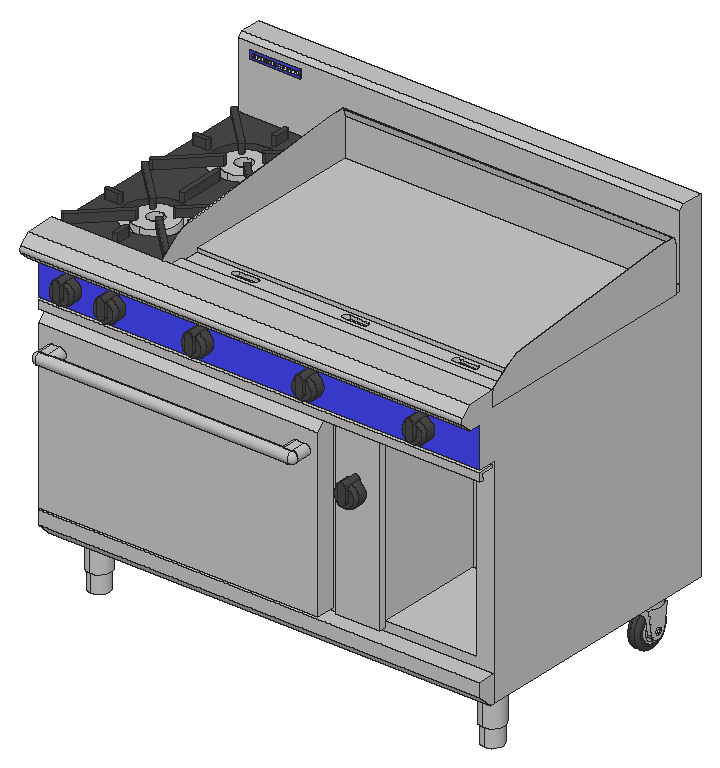
Revit family "QF_MOFFAT_BLUESEAL_CE_G508A", category Specialty Equipment, Revit 2012
Parameters
  Width = 1200 mm
  Weight in Pounds = 568
  URL Cutsheet = "www.moffat.com"
  URL = "www.moffat.com"
  Type Mark [instance] = ""
  Status [instance] = ""
  Specification by User [instance] = ""
  Specification by Manufacturer = ""
  Show Logo [instance] = yes
  Show Clearance [instance] = yes
  Show Casters [instance] = yes
  Serial Number = ""
  Seismic Rating = ""
  SMACNA No = ""
  Revision Code [instance] = ""
  Omniclass Number and Title = ""
  NAFEM Spec ID Number = ""
  Model = "G508A"
  Mechanical Remarks = ""
  Mechanical Connection Type [instance] = ""
  Masterspec = ""
  Manufacturer = "MOFFAT BLUESEAL"
  Legs [instance] = not(Show Casters)  # no
  Item Number [instance] = ""
  Installed By [instance] = ""
  Identify Quantity as Lot [instance] = yes
  Height = 970 mm
  Gas Size = 3/4"
  Gas RI Height [instance] = 0 mm
  Gas KW [instance] = 41
  Gas Input [instance] = 139000.0 Btu/h
  Gas Connection Height = 0 mm
  Furnished By [instance] = ""
  Foodservice Equipment Identifier [instance] = yes
  Description = "1200MM GAS RANGE WITH STATIC OVEN"
  Depth = 812 mm
  CSI MasterFormat = ""
  CSI Master Format = ""
  Body Finish = QF_Finishes_Stainless Steel
Reference planes
  plane 1 "BACK": y = 0
  plane 2: z = 0
  plane 3 "LEFT": x = 0
  plane 4 "RIGHT": x = 1200
  plane 5 "FRONT": y = -812
  plane 6 "TOP": z = 970
  plane 7 "Center Y": x = 600
  plane 8 "Center X": y = -406
  plane 9: x = 280
  plane 10: y = -574.272
  plane 11: x = 60
  plane 12: y = -304.972
  plane 13: y = -364.972
  plane 14: x = 74
  plane 15: y = -812
  plane 16: x = 1134.5
  plane 17: y = -32
  plane 18: z = 655
  plane 19: x = 65.5
  plane 20: x = 65.8
  plane 21: z = 1085
  plane 22: y = -705
Forms (mm)
  Extrusion 1, solid, material "QF_Finishes_Stainless Steel" <- "Body Finish"
    sketch origin (0, 0, 0) x (0, 1, 0) y (0, 0, 1)
      loop
        line (0, 150) -> (0, 1085) -> (-57.5, 1085) -> (-70, 1072.5) -> (-70, 875) -> (-705, 875) -> (-705, 915) -> (-783.97, 915) -> (-808.49, 890.48)
        arc (-808.49, 890.48) -> (-812.002, 882) -> (-808.49, 873.52) r 11.993
        line (-808.49, 873.52) -> (-784.97, 850) -> (-749, 850) -> (-749, 740) -> (-699, 740) -> (-699, 150) -> (0, 150)
      loop
        line (-749, 222.5) -> (-749, 186) -> (-713.26, 150.26) -> (-701, 150.26) -> (-701, 222.5) -> (-749, 222.5)
      loop
        line (-749, 710) -> (-740.224, 710) -> (-742.613, 726.999) -> (-707.93, 726.999) -> (-707.93, 734.003) -> (-749, 734.003) -> (-749, 710)
    from 0 to 1200
  Extrusion 2, solid, material "QF_Finishes_Stainless Steel"
    sketch origin (0, 7, 0) x (0, 1, 0) y (0, 0, 1)
      loop
        line (-706, 700) -> (-732, 700) -> (-756, 676) -> (-756, 227.5) -> (-706, 227.5) -> (-706, 700)
    from 0 to 760
  Extrusion 3, solid, material "QF_Finishes_Stainless Steel"
    sketch origin (723.5, 7, 0) x (0, 1, 0) y (0, 0, 1)
      loop
        line (-706, 700) -> (-721, 700) -> (-721, 227.5) -> (-706, 227.5) -> (-706, 700)
    from 56.898 to 176.5
  Revolve 4, solid, material "QF_Finishes_Stainless Steel" <- "Body Finish"
    sketch origin (1134.5, -696.126, 0) x (0, 1, 0) y (0, 0, -1)
      loop
        line (39.376, -150) -> (71.126, -150) -> (71.126, 0) -> (43.626, 0) -> (43.626, -50) -> (39.376, -50) -> (39.376, -150)
      axis (71.126, -150) -> (71.126, 0)
    angle from 0 to 360
  Revolve 5, solid, material "QF_Finishes_Stainless Steel" <- "Body Finish"
    sketch origin (65.5, -696.126, 0) x (0, 1, 0) y (0, 0, 1)
      loop
        line (39.376, 150) -> (39.376, 50) -> (43.626, 50) -> (43.626, 0) -> (71.126, 0) -> (71.126, 150) -> (39.376, 150)
      axis (71.126, 150) -> (71.126, 0)
    angle from 0 to 360
  Extrusion 6, solid, material "QF_Finishes_Stainless Steel"
    sketch origin (-64.5, 0, 325) x (1, 0, 0) y (0, 1, 0)
      loop
        circle (1134.5, -32) r 10
    from 330 to 374.856
  Extrusion 7, void
    sketch origin (0, -703.73, 150) x (0, 0, -1) y (-1, 0, 0)
      loop
        line (-526, -900) -> (-526, -1150) -> (-96, -1150) -> (-96, -900) -> (-526, -900)
    from 0 to 304.8
  Extrusion 8, solid, material "QF_Finishes_Black"
    sketch origin (0, -70, 875) x (0, -1, 0) y (1, 0, 0)
      loop
        arc (1, 4) -> (1.879, 1.879) -> (4, 1) r 3
        line (4, 1) -> (632, 1)
        arc (632, 1) -> (634.121, 1.879) -> (635, 4) r 3
        line (635, 4) -> (635, 297.232)
        arc (635, 297.232) -> (634.121, 299.354) -> (632, 300.232) r 3
        line (632, 300.232) -> (4, 300.232)
        arc (4, 300.232) -> (1.879, 299.354) -> (1, 297.232) r 3
        line (1, 297.232) -> (1, 4)
      loop
        circle (167.5, 150) r 85
      loop
        circle (467.768, 150) r 85
    from 0 to 19.5
  Extrusion 9, solid, material "QF_Finishes_Black"
    sketch origin (0, -70, 894.5) x (0, -1, 0) y (1, 0, 0)
      loop
        spline (327.102, 15.153) -> (326.181, 13.924) -> (325.631, 12.47) -> (325.49, 10.89) -> (325.767, 9.292) -> (326.443, 7.786) -> (327.473, 6.473) -> (328.786, 5.443) -> (330.292, 4.767) -> (331.89, 4.49) -> (333.47, 4.631) -> (334.924, 5.181) -> (336.153, 6.102)
        line (336.153, 6.102) -> (444.076, 114.025)
        spline (444.076, 114.025) -> (444.837, 115.095) -> (445.238, 116.399) -> (445.251, 117.851) -> (444.875, 119.35) -> (444.137, 120.795) -> (443.086, 122.086) -> (441.795, 123.137) -> (440.35, 123.875) -> (438.851, 124.251) -> (437.399, 124.238) -> (436.095, 123.837) -> (435.025, 123.076)
        line (435.025, 123.076) -> (327.102, 15.153)
      loop
        line (611.398, 15.153) -> (503.475, 123.076)
        spline (503.475, 123.076) -> (502.405, 123.837) -> (501.101, 124.238) -> (499.649, 124.251) -> (498.15, 123.875) -> (496.705, 123.137) -> (495.414, 122.086) -> (494.363, 120.795) -> (493.625, 119.35) -> (493.249, 117.851) -> (493.262, 116.399) -> (493.663, 115.095) -> (494.424, 114.025)
        line (494.424, 114.025) -> (602.347, 6.102)
        spline (602.347, 6.102) -> (603.416, 5.341) -> (604.721, 4.941) -> (606.172, 4.928) -> (607.671, 5.303) -> (609.116, 6.041) -> (610.408, 7.092) -> (611.459, 8.384) -> (612.197, 9.829) -> (612.572, 11.328) -> (612.559, 12.779) -> (612.159, 14.084) -> (611.398, 15.153)
      loop
        spline (379.102, 143.6) -> (380.396, 143.818) -> (381.602, 144.457) -> (382.638, 145.475) -> (383.432, 146.8) -> (383.932, 148.344) -> (384.102, 150) -> (383.932, 151.656) -> (383.432, 153.2) -> (382.638, 154.525) -> (381.602, 155.543) -> (380.396, 156.182) -> (379.102, 156.4)
        line (379.102, 156.4) -> (259.398, 156.4)
        spline (259.398, 156.4) -> (258.104, 156.182) -> (256.898, 155.543) -> (255.862, 154.525) -> (255.068, 153.2) -> (254.568, 151.656) -> (254.398, 150) -> (254.568, 148.344) -> (255.068, 146.8) -> (255.862, 145.475) -> (256.898, 144.457) -> (258.104, 143.818) -> (259.398, 143.6)
        line (259.398, 143.6) -> (379.102, 143.6)
      loop
        spline (23.602, 15.153) -> (22.681, 13.924) -> (22.131, 12.47) -> (21.99, 10.89) -> (22.267, 9.292) -> (22.943, 7.786) -> (23.973, 6.473) -> (25.286, 5.443) -> (26.792, 4.767) -> (28.39, 4.49) -> (29.97, 4.631) -> (31.424, 5.181) -> (32.653, 6.102)
        line (32.653, 6.102) -> (140.576, 114.025)
        spline (140.576, 114.025) -> (141.337, 115.095) -> (141.738, 116.399) -> (141.751, 117.851) -> (141.375, 119.35) -> (140.637, 120.795) -> (139.586, 122.086) -> (138.295, 123.137) -> (136.85, 123.875) -> (135.351, 124.251) -> (133.899, 124.238) -> (132.595, 123.837) -> (131.525, 123.076)
        line (131.525, 123.076) -> (23.602, 15.153)
      loop
        line (311.398, 15.153) -> (203.475, 123.076)
        spline (203.475, 123.076) -> (202.405, 123.837) -> (201.101, 124.238) -> (199.649, 124.251) -> (198.15, 123.875) -> (196.705, 123.137) -> (195.414, 122.086) -> (194.363, 120.795) -> (193.625, 119.35) -> (193.249, 117.851) -> (193.262, 116.399) -> (193.663, 115.095) -> (194.424, 114.025)
        line (194.424, 114.025) -> (302.347, 6.102)
        spline (302.347, 6.102) -> (303.416, 5.341) -> (304.721, 4.941) -> (306.172, 4.928) -> (307.671, 5.303) -> (309.116, 6.041) -> (310.408, 7.092) -> (311.459, 8.384) -> (312.197, 9.829) -> (312.572, 11.328) -> (312.559, 12.779) -> (312.159, 14.084) -> (311.398, 15.153)
      loop
        line (327.102, 284.847) -> (435.025, 176.924)
        spline (435.025, 176.924) -> (436.095, 176.163) -> (437.399, 175.762) -> (438.851, 175.749) -> (440.35, 176.125) -> (441.795, 176.863) -> (443.086, 177.914) -> (444.137, 179.205) -> (444.875, 180.65) -> (445.251, 182.149) -> (445.238, 183.601) -> (444.837, 184.905) -> (444.076, 185.975)
        line (444.076, 185.975) -> (336.153, 293.898)
        spline (336.153, 293.898) -> (334.924, 294.819) -> (333.47, 295.369) -> (331.89, 295.51) -> (330.292, 295.233) -> (328.786, 294.557) -> (327.473, 293.527) -> (326.443, 292.214) -> (325.767, 290.708) -> (325.49, 289.11) -> (325.631, 287.53) -> (326.181, 286.076) -> (327.102, 284.847)
      loop
        spline (611.398, 284.847) -> (612.159, 285.916) -> (612.559, 287.221) -> (612.572, 288.672) -> (612.197, 290.171) -> (611.459, 291.616) -> (610.408, 292.908) -> (609.116, 293.959) -> (607.671, 294.697) -> (606.172, 295.072) -> (604.721, 295.059) -> (603.416, 294.659) -> (602.347, 293.898)
        line (602.347, 293.898) -> (494.424, 185.975)
        spline (494.424, 185.975) -> (493.663, 184.905) -> (493.262, 183.601) -> (493.249, 182.149) -> (493.625, 180.65) -> (494.363, 179.205) -> (495.414, 177.914) -> (496.705, 176.863) -> (498.15, 176.125) -> (499.649, 175.749) -> (501.101, 175.762) -> (502.405, 176.163) -> (503.475, 176.924)
        line (503.475, 176.924) -> (611.398, 284.847)
      loop
        line (23.602, 284.847) -> (131.525, 176.924)
        spline (131.525, 176.924) -> (132.595, 176.163) -> (133.899, 175.762) -> (135.351, 175.749) -> (136.85, 176.125) -> (138.295, 176.863) -> (139.586, 177.914) -> (140.637, 179.205) -> (141.375, 180.65) -> (141.751, 182.149) -> (141.738, 183.601) -> (141.337, 184.905) -> (140.576, 185.975)
        line (140.576, 185.975) -> (32.653, 293.898)
        spline (32.653, 293.898) -> (31.424, 294.819) -> (29.97, 295.369) -> (28.39, 295.51) -> (26.792, 295.233) -> (25.286, 294.557) -> (23.973, 293.527) -> (22.943, 292.214) -> (22.267, 290.708) -> (21.99, 289.11) -> (22.131, 287.53) -> (22.681, 286.076) -> (23.602, 284.847)
      loop
        spline (311.398, 284.847) -> (312.159, 285.916) -> (312.559, 287.221) -> (312.572, 288.672) -> (312.197, 290.171) -> (311.459, 291.616) -> (310.408, 292.908) -> (309.116, 293.959) -> (307.671, 294.697) -> (306.172, 295.072) -> (304.721, 295.059) -> (303.416, 294.659) -> (302.347, 293.898)
        line (302.347, 293.898) -> (194.424, 185.975)
        spline (194.424, 185.975) -> (193.663, 184.905) -> (193.262, 183.601) -> (193.249, 182.149) -> (193.625, 180.65) -> (194.363, 179.205) -> (195.414, 177.914) -> (196.705, 176.863) -> (198.15, 176.125) -> (199.649, 175.749) -> (201.101, 175.762) -> (202.405, 176.163) -> (203.475, 176.924)
        line (203.475, 176.924) -> (311.398, 284.847)
      loop
        spline (473.9, 292.104) -> (473.682, 293.398) -> (473.043, 294.604) -> (472.025, 295.64) -> (470.7, 296.434) -> (469.156, 296.934) -> (467.5, 297.104) -> (465.844, 296.934) -> (464.3, 296.434) -> (462.975, 295.64) -> (461.957, 294.604) -> (461.318, 293.398) -> (461.1, 292.104)
        line (461.1, 292.104) -> (461.1, 242.13)
        spline (461.1, 242.13) -> (461.318, 240.836) -> (461.957, 239.63) -> (462.975, 238.595) -> (464.3, 237.8) -> (465.844, 237.301) -> (467.5, 237.13) -> (469.156, 237.301) -> (470.7, 237.8) -> (472.025, 238.595) -> (473.043, 239.63) -> (473.682, 240.836) -> (473.9, 242.13)
        line (473.9, 242.13) -> (473.9, 292.104)
      loop
        spline (173.9, 292.104) -> (173.682, 293.398) -> (173.043, 294.604) -> (172.025, 295.64) -> (170.7, 296.434) -> (169.156, 296.934) -> (167.5, 297.104) -> (165.844, 296.934) -> (164.3, 296.434) -> (162.975, 295.64) -> (161.957, 294.604) -> (161.318, 293.398) -> (161.1, 292.104)
        line (161.1, 292.104) -> (161.1, 242.13)
        spline (161.1, 242.13) -> (161.318, 240.836) -> (161.957, 239.63) -> (162.975, 238.595) -> (164.3, 237.8) -> (165.844, 237.301) -> (167.5, 237.13) -> (169.156, 237.301) -> (170.7, 237.8) -> (172.025, 238.595) -> (173.043, 239.63) -> (173.682, 240.836) -> (173.9, 242.13)
        line (173.9, 242.13) -> (173.9, 292.104)
      loop
        spline (65.602, 143.6) -> (66.896, 143.818) -> (68.102, 144.457) -> (69.138, 145.475) -> (69.932, 146.8) -> (70.432, 148.344) -> (70.602, 150) -> (70.432, 151.656) -> (69.932, 153.2) -> (69.138, 154.525) -> (68.102, 155.543) -> (66.896, 156.182) -> (65.602, 156.4)
        line (65.602, 156.4) -> (29.398, 156.4)
        spline (29.398, 156.4) -> (28.104, 156.182) -> (26.898, 155.543) -> (25.862, 154.525) -> (25.068, 153.2) -> (24.568, 151.656) -> (24.398, 150) -> (24.568, 148.344) -> (25.068, 146.8) -> (25.862, 145.475) -> (26.898, 144.457) -> (28.104, 143.818) -> (29.398, 143.6)
        line (29.398, 143.6) -> (65.602, 143.6)
      loop
        spline (605.602, 143.6) -> (606.896, 143.818) -> (608.102, 144.457) -> (609.138, 145.475) -> (609.932, 146.8) -> (610.432, 148.344) -> (610.602, 150) -> (610.432, 151.656) -> (609.932, 153.2) -> (609.138, 154.525) -> (608.102, 155.543) -> (606.896, 156.182) -> (605.602, 156.4)
        line (605.602, 156.4) -> (569.398, 156.4)
        spline (569.398, 156.4) -> (568.104, 156.182) -> (566.898, 155.543) -> (565.862, 154.525) -> (565.068, 153.2) -> (564.568, 151.656) -> (564.398, 150) -> (564.568, 148.344) -> (565.068, 146.8) -> (565.862, 145.475) -> (566.898, 144.457) -> (568.104, 143.818) -> (569.398, 143.6)
        line (569.398, 143.6) -> (605.602, 143.6)
      loop
        line (460.626, 50.584) -> (460.626, 16.591)
        spline (460.626, 16.591) -> (460.844, 15.297) -> (461.483, 14.091) -> (462.501, 13.055) -> (463.826, 12.261) -> (465.37, 11.761) -> (467.026, 11.591) -> (468.682, 11.761) -> (470.226, 12.261) -> (471.551, 13.055) -> (472.569, 14.091) -> (473.208, 15.297) -> (473.426, 16.591)
        line (473.426, 16.591) -> (473.426, 50.584)
        spline (473.426, 50.584) -> (473.208, 51.878) -> (472.569, 53.084) -> (471.551, 54.119) -> (470.226, 54.914) -> (468.682, 55.413) -> (467.026, 55.584) -> (465.37, 55.413) -> (463.826, 54.914) -> (462.501, 54.119) -> (461.483, 53.084) -> (460.844, 51.878) -> (460.626, 50.584)
      loop
        line (160.11, 50.584) -> (160.11, 16.591)
        spline (160.11, 16.591) -> (160.328, 15.297) -> (160.967, 14.091) -> (161.984, 13.055) -> (163.31, 12.261) -> (164.853, 11.761) -> (166.51, 11.591) -> (168.166, 11.761) -> (169.71, 12.261) -> (171.035, 13.055) -> (172.052, 14.091) -> (172.692, 15.297) -> (172.91, 16.591)
        line (172.91, 16.591) -> (172.91, 50.584)
        spline (172.91, 50.584) -> (172.692, 51.878) -> (172.052, 53.084) -> (171.035, 54.119) -> (169.71, 54.914) -> (168.166, 55.413) -> (166.51, 55.584) -> (164.853, 55.413) -> (163.31, 54.914) -> (161.984, 54.119) -> (160.967, 53.084) -> (160.328, 51.878) -> (160.11, 50.584)
    from 0 to 23.5
  Revolve 10, solid, material "QF_Finishes_Black"
    sketch origin (90.649, 45.874, -0.118) x (0, 1, 0) y (0, 0, -1)
      loop
        line (-827.874, -829.5) -> (-804.874, -829.5) -> (-804.874, -802) -> (-794.874, -802) -> (-794.874, -797) -> (-838.874, -797) -> (-838.874, -823.651) -> (-827.874, -829.5)
      axis (-838.874, -797) -> (-794.874, -797)
    angle from 0 to 360
  Revolve 11, solid, material "QF_Finishes_Black"
    sketch origin (210.649, 45.874, -0.118) x (0, 1, 0) y (0, 0, -1)
      loop
        line (-827.874, -829.5) -> (-804.874, -829.5) -> (-804.874, -802) -> (-794.874, -802) -> (-794.874, -797) -> (-838.874, -797) -> (-838.874, -823.651) -> (-827.874, -829.5)
      axis (-838.874, -797) -> (-794.874, -797)
    angle from 0 to 360
  Revolve 12, solid, material "QF_Finishes_Black"
    sketch origin (450.345, 45.874, -0.118) x (0, 1, 0) y (0, 0, -1)
      loop
        line (-827.874, -829.5) -> (-804.874, -829.5) -> (-804.874, -802) -> (-794.874, -802) -> (-794.874, -797) -> (-838.874, -797) -> (-838.874, -823.651) -> (-827.874, -829.5)
      axis (-838.874, -797) -> (-794.874, -797)
    angle from 0 to 360
  Extrusion 13, solid, material "QF_Finishes_Black"
    sketch origin (238.456, 7, -0.118) x (-1, 0, 0) y (0, 0, -1)
      loop
        arc (158.3, -789) -> (148.3, -779) -> (138.3, -789) r 10
        line (138.3, -789) -> (138.3, -824)
        arc (138.3, -824) -> (148.3, -834) -> (158.3, -824) r 10
        line (158.3, -824) -> (158.3, -789)
    from 759 to 808
  Extrusion 14, solid, material "QF_Finishes_Black"
    sketch origin (358.456, 7, -0.118) x (-1, 0, 0) y (0, 0, -1)
      loop
        arc (158.3, -789) -> (148.3, -779) -> (138.3, -789) r 10
        line (138.3, -789) -> (138.3, -824)
        arc (138.3, -824) -> (148.3, -834) -> (158.3, -824) r 10
        line (158.3, -824) -> (158.3, -789)
    from 759 to 808
  Extrusion 15, solid, material "QF_Finishes_Black"
    sketch origin (598.152, 7, -0.118) x (-1, 0, 0) y (0, 0, -1)
      loop
        arc (158.3, -789) -> (148.3, -779) -> (138.3, -789) r 10
        line (138.3, -789) -> (138.3, -824)
        arc (138.3, -824) -> (148.3, -834) -> (158.3, -824) r 10
        line (158.3, -824) -> (158.3, -789)
    from 759 to 808
  Revolve 16, solid, material "QF_Finishes_Black"
    sketch origin (836.851, 80.874, -246.368) x (0, 1, 0) y (0, 0, 1)
      loop
        line (-827.874, 829.5) -> (-838.874, 823.651) -> (-838.874, 797) -> (-794.874, 797) -> (-794.874, 802) -> (-804.874, 802) -> (-804.874, 829.5) -> (-827.874, 829.5)
      axis (-838.874, 797) -> (-794.874, 797)
    angle from 0 to 360
  Extrusion 17, solid, material "QF_Finishes_Black"
    sketch origin (389.044, 42, -246.368) x (1, 0, 0) y (0, 0, 1)
      loop
        line (458.3, 789) -> (458.3, 824)
        arc (458.3, 824) -> (448.3, 834) -> (438.3, 824) r 10
        line (438.3, 824) -> (438.3, 789)
        arc (438.3, 789) -> (448.3, 779) -> (458.3, 789) r 10
    from 759 to 808
  Extrusion 18, solid, material "QF_Door-Drawer Clearances", visible <- "Show Clearance", detail levels coarse
    sketch origin (760, 7, 0) x (0, 1, 0) y (0, 0, 1)
      loop
        arc (-756, 697.347) -> (-1088.232, 559.732) -> (-1225.847, 227.5) r 469.847
        line (-1225.847, 227.5) -> (-756, 227.5) -> (-756, 697.347)
    from 0 to -760
  Extrusion 19, void
    sketch origin (0, 0, 150) x (-1, 0, 0) y (0, -1, 0)
      loop
        line (-1133.988, 87.26) -> (-1133.988, -30.24) -> (-1004.488, -30.24) -> (-1004.488, 38.76) -> (-1052.988, 87.26) -> (-1133.988, 87.26)
    from 72.5 to 549.856
  Extrusion 20, solid, material "QF_Finishes_Stainless Steel"
    sketch origin (0, -749, 227.5) x (0, 0, 1) y (-1, 0, 0)
      loop
        line (380.625, -38.246) -> (380.625, -58.528)
        arc (380.625, -58.528) -> (395.625, -73.528) -> (410.625, -58.528) r 15
        line (410.625, -58.528) -> (410.625, -38.246)
        arc (410.625, -38.246) -> (395.625, -23.246) -> (380.625, -38.246) r 15
      loop
        arc (380.625, -723.039) -> (395.625, -738.039) -> (410.625, -723.039) r 15
        line (410.625, -723.039) -> (410.625, -702.757)
        arc (410.625, -702.757) -> (395.625, -687.757) -> (380.625, -702.757) r 15
        line (380.625, -702.757) -> (380.625, -723.039)
    from 0 to 44
  Revolve 21, solid, material "QF_Finishes_Stainless Steel"
    sketch origin (0, -793, 0) x (1, 0, 0) y (0, 0, 1)
      loop
        arc (738.039, 623.125) -> (733.646, 633.732) -> (723.039, 638.125) r 15
        line (723.039, 638.125) -> (38.246, 638.125)
        arc (38.246, 638.125) -> (27.64, 633.732) -> (23.246, 623.125) r 15
        line (23.246, 623.125) -> (738.039, 623.125)
      axis (738.039, 623.125) -> (23.246, 623.125)
    angle from 0 to 360
  Extrusion 22, solid, material "QF_Finishes_Stainless Steel"
    sketch origin (0, -70, 875) x (0, -1, 0) y (1, 0, 0)
      loop
        circle (467.5, 150) r 57
      loop
        circle (167.5, 150) r 57
      loop
        circle (467.5, 150) r 22
      loop
        circle (167.5, 150) r 22
    from 0 to 19.5
  Extrusion 23, solid, material "QF_Finishes_Stainless Steel", visible <- "Show Casters"
    sketch origin (71.501, 133.353, -8.783) x (0, 1, 0) y (0, 0, 1)
      loop
        line (-201.603, 118.783) -> (-265.103, 118.783) -> (-252.746, 53.895)
        arc (-252.746, 53.895) -> (-233.353, 38.783) -> (-213.959, 53.895) r 20
        line (-213.959, 53.895) -> (-201.603, 118.783)
    from -35.667 to 22.923
  Revolve 24, solid, material "QF_Finishes_Stainless Steel", visible <- "Show Casters"
    sketch origin (65, -203, 0) x (0, 1, 0) y (0, 0, 1)
      loop
        line (67.25, 150) -> (67.25, 110) -> (103, 110) -> (103, 150) -> (67.25, 150)
      axis (103, 150) -> (103, 110)
    angle from 0 to 360
  Revolve 25, solid, material "QF_Finishes_Stainless Steel", visible <- "Show Casters"
    sketch origin (1134.5, -203, 0) x (0, 1, 0) y (0, 0, -1)
      loop
        line (67.25, -150) -> (103, -150) -> (103, -110) -> (67.25, -110) -> (67.25, -150)
      axis (103, -150) -> (103, -110)
    angle from 0 to 360
  Revolve 26, solid, material "QF_Finishes_Stainless Steel", visible <- "Show Casters"
    sketch origin (1085.276, -99.755, -13.653) x (1, 0, 0) y (0, 0, 1)
      loop
        line (14.841, 64.453) -> (83.584, 64.453) -> (83.584, 67.958) -> (82.314, 69.228) -> (80.79, 69.228) -> (80.79, 72.674) -> (68.644, 72.674) -> (68.644, 82.639) -> (65.088, 84.692) -> (63.738, 93.028) -> (65.881, 93.028) -> (65.881, 99.378) -> (65.088, 99.378) -> (65.088, 105.728)
        arc (65.088, 105.728) -> (62.298, 112.463) -> (55.563, 115.253) r 9.525
        line (55.563, 115.253) -> (42.863, 115.253)
        arc (42.863, 115.253) -> (36.127, 112.463) -> (33.338, 105.728) r 9.525
        line (33.338, 105.728) -> (33.338, 99.378) -> (32.544, 99.378) -> (32.544, 93.028) -> (34.687, 93.028) -> (33.352, 84.781) -> (29.782, 82.719) -> (29.782, 72.674) -> (17.635, 72.674) -> (17.635, 69.228) -> (16.111, 69.228) -> (14.841, 67.958) -> (14.841, 64.453)
      axis (14.841, 64.453) -> (83.584, 64.453)
    angle from 0 to 360
  Extrusion 27, solid, material "QF_Finishes_Stainless Steel", visible <- "Show Casters"
    sketch origin (1141.001, 133.353, -8.783) x (0, 1, 0) y (0, 0, 1)
      loop
        line (-201.603, 118.783) -> (-265.103, 118.783) -> (-252.746, 53.895)
        arc (-252.746, 53.895) -> (-233.353, 38.783) -> (-213.959, 53.895) r 20
        line (-213.959, 53.895) -> (-201.603, 118.783)
    from -35.667 to 22.923
  Revolve 28, solid, material "QF_Finishes_Stainless Steel", visible <- "Legs"
    sketch origin (65, -165, 0) x (0, 1, 0) y (0, 0, 1)
      loop
        line (33.25, 150) -> (33.25, 50) -> (37.5, 50) -> (37.5, 0) -> (65, 0) -> (65, 150) -> (33.25, 150)
      axis (65, 150) -> (65, 0)
    angle from 0 to 360
  Revolve 29, solid, material "QF_Finishes_Stainless Steel", visible <- "Legs"
    sketch origin (1134.5, -165, 0) x (0, 1, 0) y (0, 0, -1)
      loop
        line (33.25, -150) -> (65, -150) -> (65, 0) -> (37.5, 0) -> (37.5, -50) -> (33.25, -50) -> (33.25, -150)
      axis (65, -150) -> (65, 0)
    angle from 0 to 360
  Revolve 30, solid, material "QF_Finishes_Stainless Steel", visible <- "Show Casters"
    sketch origin (114.224, -99.755, -13.653) x (-1, 0, 0) y (0, 0, -1)
      loop
        line (14.841, -64.453) -> (14.841, -67.958) -> (16.111, -69.228) -> (17.635, -69.228) -> (17.635, -72.674) -> (29.782, -72.674) -> (29.782, -82.719) -> (33.352, -84.781) -> (34.687, -93.028) -> (32.544, -93.028) -> (32.544, -99.378) -> (33.338, -99.378) -> (33.338, -105.728)
        arc (33.338, -105.728) -> (36.127, -112.463) -> (42.863, -115.253) r 9.525
        line (42.863, -115.253) -> (55.563, -115.253)
        arc (55.563, -115.253) -> (62.298, -112.463) -> (65.088, -105.728) r 9.525
        line (65.088, -105.728) -> (65.088, -99.378) -> (65.881, -99.378) -> (65.881, -93.028) -> (63.738, -93.028) -> (65.088, -84.692) -> (68.644, -82.639) -> (68.644, -72.674) -> (80.79, -72.674) -> (80.79, -69.228) -> (82.314, -69.228) -> (83.584, -67.958) -> (83.584, -64.453) -> (14.841, -64.453)
      axis (14.841, -64.453) -> (83.584, -64.453)
    angle from 0 to 360
  Revolve 31, solid, material "QF_Finishes_Black"
    sketch origin (750.232, 45.874, -0.118) x (0, 1, 0) y (0, 0, -1)
      loop
        line (-827.874, -829.5) -> (-804.874, -829.5) -> (-804.874, -802) -> (-794.874, -802) -> (-794.874, -797) -> (-838.874, -797) -> (-838.874, -823.651) -> (-827.874, -829.5)
      axis (-838.874, -797) -> (-794.874, -797)
    angle from 0 to 360
  Extrusion 32, solid, material "QF_Finishes_Black"
    sketch origin (898.039, 7, -0.118) x (-1, 0, 0) y (0, 0, -1)
      loop
        arc (158.3, -789) -> (148.3, -779) -> (138.3, -789) r 10
        line (138.3, -789) -> (138.3, -824)
        arc (138.3, -824) -> (148.3, -834) -> (158.3, -824) r 10
        line (158.3, -824) -> (158.3, -789)
    from 759 to 808
  Revolve 33, solid, material "QF_Finishes_Black"
    sketch origin (1050.119, 45.874, -0.118) x (0, 1, 0) y (0, 0, -1)
      loop
        line (-827.874, -829.5) -> (-804.874, -829.5) -> (-804.874, -802) -> (-794.874, -802) -> (-794.874, -797) -> (-838.874, -797) -> (-838.874, -823.651) -> (-827.874, -829.5)
      axis (-838.874, -797) -> (-794.874, -797)
    angle from 0 to 360
  Extrusion 34, solid, material "QF_Finishes_Black"
    sketch origin (1197.926, 7, -0.118) x (-1, 0, 0) y (0, 0, -1)
      loop
        arc (158.3, -789) -> (148.3, -779) -> (138.3, -789) r 10
        line (138.3, -789) -> (138.3, -824)
        arc (138.3, -824) -> (148.3, -834) -> (158.3, -824) r 10
        line (158.3, -824) -> (158.3, -789)
    from 759 to 808
Cuts and joins
  Extrusion 7, Extrusion 19 cuts Extrusion 1
Lines and regions (mm)
  Split face 1
    outline origin (1200, 0, 1085) x (-1, 0, 0) y (0, -1, 0)
      loop
        arc (935.206, 45.185) -> (926.545, 40.185) -> (926.545, 30.185) r 10
        line (926.545, 30.185) -> (930.587, 23.185)
        arc (930.587, 23.185) -> (934.247, 19.525) -> (939.247, 18.185) r 10
        line (939.247, 18.185) -> (1167.206, 18.185)
        arc (1167.206, 18.185) -> (1175.866, 23.185) -> (1175.866, 33.185) r 10
        line (1175.866, 33.185) -> (1171.824, 40.185)
        arc (1171.824, 40.185) -> (1168.164, 43.845) -> (1163.164, 45.185) r 10
        line (1163.164, 45.185) -> (935.206, 45.185)
  Split face 2
    outline origin (1200, 0, 1085) x (-1, 0, 0) y (0, -1, 0)
      loop
        arc (635.206, 45.185) -> (626.545, 40.185) -> (626.545, 30.185) r 10
        line (626.545, 30.185) -> (630.587, 23.185)
        arc (630.587, 23.185) -> (634.247, 19.525) -> (639.247, 18.185) r 10
        line (639.247, 18.185) -> (867.206, 18.185)
        arc (867.206, 18.185) -> (875.866, 23.185) -> (875.866, 33.185) r 10
        line (875.866, 33.185) -> (871.824, 40.185)
        arc (871.824, 40.185) -> (868.164, 43.845) -> (863.164, 45.185) r 10
        line (863.164, 45.185) -> (635.206, 45.185)
  Split face 3
    outline origin (1200, 0, 1085) x (-1, 0, 0) y (0, -1, 0)
      loop
        arc (335.206, 45.185) -> (326.545, 40.185) -> (326.545, 30.185) r 10
        line (326.545, 30.185) -> (330.587, 23.185)
        arc (330.587, 23.185) -> (334.247, 19.525) -> (339.247, 18.185) r 10
        line (339.247, 18.185) -> (567.206, 18.185)
        arc (567.206, 18.185) -> (575.866, 23.185) -> (575.866, 33.185) r 10
        line (575.866, 33.185) -> (571.824, 40.185)
        arc (571.824, 40.185) -> (568.164, 43.845) -> (563.164, 45.185) r 10
        line (563.164, 45.185) -> (335.206, 45.185)
  Split face 4
    outline origin (1200, 0, 1085) x (-1, 0, 0) y (0, -1, 0)
      loop
        arc (35.206, 45.185) -> (26.545, 40.185) -> (26.545, 30.185) r 10
        line (26.545, 30.185) -> (30.587, 23.185)
        arc (30.587, 23.185) -> (34.247, 19.525) -> (39.247, 18.185) r 10
        line (39.247, 18.185) -> (267.206, 18.185)
        arc (267.206, 18.185) -> (275.866, 23.185) -> (275.866, 33.185) r 10
        line (275.866, 33.185) -> (271.824, 40.185)
        arc (271.824, 40.185) -> (268.164, 43.845) -> (263.164, 45.185) r 10
        line (263.164, 45.185) -> (35.206, 45.185)
  symbolic lines
    curve 1: line (0, 0, 0) -> (0, -812, 0)
    curve 2: line (1200, 0, 0) -> (0, 0, 0)
    curve 3: line (1200, -812, 0) -> (1200, 0, 0)
    curve 4: line (0, -70, 0) -> (1200, -70, 0)
    curve 5: line (1200, -812, 0) -> (0, -812, 0)
    curve 6: line (1200, -708.3, 0) -> (0, -708.3, 0)
    curve 7: line (0, -705, 0) -> (1200, -705, 0)
    curve 8: line (1200, -72.734, 0) -> (0, -72.734, 0)
    curve 9: arc (22.65, -812, 0) -> (34.104, -822.278, 0) -> (48.889, -826.544, 0) r 34.455
    curve 10: line (48.889, -826.544, 0) -> (718.108, -826.544, 0)
    curve 11: arc (718.108, -826.544, 0) -> (732.653, -822.647, 0) -> (743.3, -812, 0) r 29.089
    curve 12: line (6.08, -94.387, 0) -> (121.515, -209.822, 0)
    curve 13: line (293.92, -94.387, 0) -> (178.485, -209.822, 0)
    curve 14: line (6.83, -379.864, 0) -> (121.515, -265.178, 0)
    curve 15: line (292.516, -379.21, 0) -> (178.485, -265.178, 0)
    curve 16: line (6.08, -398.155, 0) -> (121.515, -510.089, 0)
    curve 17: line (293.92, -398.155, 0) -> (178.485, -510.089, 0)
    curve 18: line (9.883, -677.078, 0) -> (121.515, -565.446, 0)
    curve 19: line (291.622, -678.583, 0) -> (178.485, -565.446, 0)
    curve 20: arc (150, -294.5, 0) -> (207, -237.5, 0) -> (150, -180.5, 0) r 57
    curve 21: arc (150, -180.5, 0) -> (93, -237.5, 0) -> (150, -294.5, 0) r 57
    curve 22: arc (150, -594.5, 0) -> (207, -537.5, 0) -> (150, -480.5, 0) r 57
    curve 23: arc (150, -480.5, 0) -> (93, -537.5, 0) -> (150, -594.5, 0) r 57
    curve 24: line (297.78, -237.81, 0) -> (237.78, -237.81, 0)
    curve 25: line (149.618, -450.258, 0) -> (149.618, -325.258, 0)
    curve 26: line (297.78, -537.81, 0) -> (237.78, -537.81, 0)
    curve 27: line (149.197, -139.807, 0) -> (149.197, -94.807, 0)
    curve 28: line (149.197, -674.807, 0) -> (149.197, -634.807, 0)
    curve 29: line (49.678, -236.51, 0) -> (14.678, -236.51, 0)
    curve 30: line (49.678, -536.51, 0) -> (14.678, -536.51, 0)
    curve 34: arc (150, -322.5, 0) -> (65, -237.5, 0) -> (150, -152.5, 0) r 85
    curve 35: arc (150, -152.5, 0) -> (235, -237.5, 0) -> (150, -322.5, 0) r 85
    curve 36: arc (150, -452.768, 0) -> (235, -537.768, 0) -> (150, -622.768, 0) r 85
    curve 37: arc (150, -622.768, 0) -> (65, -537.768, 0) -> (150, -452.768, 0) r 85
    curve 38: line (300.232, -72.734, 0) -> (300.232, -705, 0)
    curve 39: line (0, -390.308, 0) -> (300.232, -390.308, 0)
    curve 40: arc (150, -215.5, 0) -> (172, -237.5, 0) -> (150, -259.5, 0) r 22
    curve 41: arc (150, -259.5, 0) -> (128, -237.5, 0) -> (150, -215.5, 0) r 22
    curve 42: arc (150, -515.5, 0) -> (172, -537.5, 0) -> (150, -559.5, 0) r 22
    curve 43: arc (150, -559.5, 0) -> (128, -537.5, 0) -> (150, -515.5, 0) r 22
    curve 44: line (1160.753, -18.185, 0) -> (932.794, -18.185, 0)
    curve 45: arc (932.794, -18.185, 0) -> (924.134, -23.185, 0) -> (924.134, -33.185, 0) r 10
    curve 46: line (924.134, -33.185, 0) -> (928.176, -40.185, 0)
    curve 47: arc (928.176, -40.185, 0) -> (931.836, -43.845, 0) -> (936.836, -45.185, 0) r 10
    curve 48: line (936.836, -45.185, 0) -> (1164.794, -45.185, 0)
    curve 49: arc (1164.794, -45.185, 0) -> (1173.455, -40.185, 0) -> (1173.455, -30.185, 0) r 10
    curve 50: line (1173.455, -30.185, 0) -> (1169.413, -23.185, 0)
    curve 51: arc (1169.413, -23.185, 0) -> (1165.753, -19.525, 0) -> (1160.753, -18.185, 0) r 10
    curve 52: line (632.794, -18.185, 0) -> (860.753, -18.185, 0)
    curve 53: arc (860.753, -18.185, 0) -> (865.753, -19.525, 0) -> (869.413, -23.185, 0) r 10
    curve 54: line (869.413, -23.185, 0) -> (873.455, -30.185, 0)
    curve 55: arc (873.455, -30.185, 0) -> (873.455, -40.185, 0) -> (864.794, -45.185, 0) r 10
    curve 56: line (864.794, -45.185, 0) -> (636.836, -45.185, 0)
    curve 57: arc (636.836, -45.185, 0) -> (631.836, -43.845, 0) -> (628.176, -40.185, 0) r 10
    curve 58: line (628.176, -40.185, 0) -> (624.134, -33.185, 0)
    curve 59: arc (624.134, -33.185, 0) -> (624.134, -23.185, 0) -> (632.794, -18.185, 0) r 10
    curve 60: line (332.794, -18.185, 0) -> (560.753, -18.185, 0)
    curve 61: arc (560.753, -18.185, 0) -> (565.753, -19.525, 0) -> (569.413, -23.185, 0) r 10
    curve 62: line (569.413, -23.185, 0) -> (573.455, -30.185, 0)
    curve 63: arc (573.455, -30.185, 0) -> (573.455, -40.185, 0) -> (564.794, -45.185, 0) r 10
    curve 64: line (564.794, -45.185, 0) -> (336.836, -45.185, 0)
    curve 65: arc (336.836, -45.185, 0) -> (331.836, -43.845, 0) -> (328.176, -40.185, 0) r 10
    curve 66: line (328.176, -40.185, 0) -> (324.134, -33.185, 0)
    curve 67: arc (324.134, -33.185, 0) -> (324.134, -23.185, 0) -> (332.794, -18.185, 0) r 10
    curve 68: line (260.753, -18.185, 0) -> (32.794, -18.185, 0)
    curve 69: arc (32.794, -18.185, 0) -> (24.134, -23.185, 0) -> (24.134, -33.185, 0) r 10
    curve 70: line (24.134, -33.185, 0) -> (28.176, -40.185, 0)
    curve 71: arc (28.176, -40.185, 0) -> (31.836, -43.845, 0) -> (36.836, -45.185, 0) r 10
    curve 72: line (36.836, -45.185, 0) -> (264.794, -45.185, 0)
    curve 73: arc (264.794, -45.185, 0) -> (273.455, -40.185, 0) -> (273.455, -30.185, 0) r 10
    curve 74: line (273.455, -30.185, 0) -> (269.413, -23.185, 0)
    curve 75: arc (269.413, -23.185, 0) -> (265.753, -19.525, 0) -> (260.753, -18.185, 0) r 10
    curve 76: line (0, -57.5, 0) -> (1200, -57.5, 0)
    curve 77: line (0, -783.97, 0) -> (1200, -783.97, 0)
  symbolic lines, style "QF_Door-Drawer Clearances", visible <- "Show Clearance"
    curve 31: line (0, -1218.847, 0) -> (760, -1218.847, 0)
    curve 32: line (760, -1218.847, 0) -> (760, -812, 0)
    curve 33: line (0, -1218.847, 0) -> (0, -812, 0)
Dimensions and locks
  equal spacing: plane 3 "LEFT", plane 7 "Center Y", plane 4 "RIGHT"
  "Width": plane 3 "LEFT" to plane 4 "RIGHT"
  equal spacing: plane 5 "FRONT", plane 8 "Center X", plane 1 "BACK"
  plane 5 "FRONT" to plane 1 "BACK" = 812 mm  (x2)
  equal spacing: plane 4 "RIGHT", plane 7 "Center Y", plane 3 "LEFT"
  plane 4 "RIGHT" to plane 3 "LEFT" = 1200 mm
  "Height": plane 6 "TOP" to level
  plane 10 to plane 1 "BACK" = 574.272 mm
  plane 12 to plane 1 "BACK" = 304.972 mm  (x2)
  plane 11 to plane 3 "LEFT" = 60 mm
  plane 14 to plane 3 "LEFT" = 74 mm
  plane 9 to plane 3 "LEFT" = 280 mm
  "Depth": plane 1 "BACK" to plane 15
  plane 5 "FRONT" to plane 15 = 0 mm
  plane 6 "TOP" to plane 2 = 970 mm
  plane 2 to Extrusion 1 sketch curve = 875 mm
  locked: plane 2 to Extrusion 1 sketch curve at 915
  locked: plane 4 "RIGHT" to plane 16 at 65.5
  Extrusion 8 sketch curve to plane 20 = 64.8 mm
  plane 21 to level = 1085 mm
  Revolve 26 sketch curve to Revolve 26 sketch curve = 50.8 mm
  Revolve 30 sketch curve to Revolve 30 sketch curve = 50.8 mm
  aligned and locked: level to plane 2
  aligned and locked: curve 3 to plane 4 "RIGHT"
  aligned and locked: Extrusion 1 to plane 4 "RIGHT"
  aligned and locked: plane 16 to Revolve 4
  aligned and locked: Extrusion 18 to Extrusion 2
Automatic sketch dimensions
  curve 20 to curve 34 = 0 mm
  curve 21 to curve 35 = 0 mm
  curve 21 to curve 41 = 0 mm
  curve 22 to curve 43 = 0 mm
  curve 23 to curve 43 = 0 mm
  curve 35 to curve 41 = 0 mm
  plane 1 "BACK" to curve 1 = 0 mm
  curve 1 to plane 3 "LEFT" = 0 mm
  plane 5 "FRONT" to curve 9 = 0 mm
  plane 22 to curve 38 = 0 mm
  plane 3 "LEFT" to curve 16 = 6.08 mm
  plane 3 "LEFT" to curve 12 = 6.08 mm
  plane 3 "LEFT" to curve 14 = 6.83 mm
  plane 3 "LEFT" to curve 18 = 9.883 mm
  plane 3 "LEFT" to curve 29 = 14.678 mm
  plane 3 "LEFT" to curve 30 = 14.678 mm
  plane 3 "LEFT" to curve 9 = 22.65 mm
  curve 70 to plane 17 = 1.185 mm
  plane 3 "LEFT" to curve 70 = 24.134 mm
  curve 69 to curve 71 = 4.041 mm
  curve 69 to curve 69 = 8.66 mm
  curve 71 to curve 71 = 8.66 mm
  curve 10 to plane 11 = 11.111 mm
  curve 29 to plane 11 = 10.322 mm
  curve 30 to plane 11 = 10.322 mm
  curve 9 to plane 11 = 9.192 mm
  plane 10 to curve 18 = 8.826 mm
  plane 14 to curve 18 = 47.515 mm
  plane 14 to curve 14 = 47.515 mm
  plane 14 to curve 12 = 47.515 mm
  plane 14 to curve 16 = 47.515 mm
  curve 18 to curve 28 = 27.682 mm
  plane 14 to curve 27 = 75.197 mm
  curve 25 to plane 12 = 20.285 mm
  curve 14 to curve 25 = 28.103 mm
  curve 16 to curve 22 = 28.485 mm
  curve 12 to curve 41 = 28.485 mm
  curve 25 to curve 37 = 0.382 mm
  curve 42 to curve 17 = 28.485 mm
  curve 40 to curve 13 = 28.485 mm
  plane 10 to curve 19 = 8.826 mm
  curve 42 to curve 19 = 28.485 mm
  plane 12 to curve 15 = 39.794 mm
  curve 40 to curve 15 = 28.485 mm
  curve 24 to plane 9 = 42.22 mm
  curve 26 to plane 9 = 42.22 mm
  curve 68 to plane 9 = 19.247 mm
  curve 73 to plane 9 = 15.206 mm
  curve 75 to curve 75 = 8.66 mm
  plane 17 to curve 74 = 1.815 mm
  curve 74 to plane 9 = 6.545 mm
  plane 9 to curve 19 = 11.622 mm
  plane 9 to curve 15 = 12.516 mm
  plane 9 to curve 13 = 13.92 mm
  plane 9 to curve 17 = 13.92 mm
  plane 9 to curve 24 = 17.78 mm
  plane 9 to curve 26 = 17.78 mm
  plane 9 to curve 38 = 20.232 mm
  curve 67 to plane 17 = 1.185 mm
  plane 9 to curve 67 = 44.134 mm
  curve 66 to plane 17 = 8.185 mm
  curve 66 to curve 66 = 4.041 mm
  plane 17 to curve 67 = 13.815 mm
  curve 67 to curve 67 = 8.66 mm
  curve 65 to curve 64 = 8.66 mm
  curve 60 to plane 7 "Center Y" = 39.247 mm
  curve 61 to curve 64 = 4.041 mm
  curve 61 to curve 61 = 8.66 mm
  plane 17 to curve 63 = 1.815 mm
  curve 61 to curve 63 = 4.041 mm
  curve 59 to plane 17 = 1.185 mm
  plane 7 "Center Y" to curve 59 = 24.134 mm
  curve 59 to curve 57 = 4.041 mm  (x2)
  plane 17 to curve 59 = 13.815 mm
  curve 59 to curve 59 = 8.66 mm
  curve 57 to plane 17 = 3.185 mm
  curve 55 to plane 17 = 3.185 mm
  curve 53 to curve 55 = 4.041 mm
  plane 17 to curve 54 = 8.815 mm
  curve 53 to curve 54 = 8.66 mm
  plane 17 to curve 55 = 1.815 mm
  curve 54 to curve 55 = 4.041 mm
  curve 46 to plane 17 = 1.185 mm
  curve 54 to curve 46 = 50.679 mm
  curve 45 to curve 47 = 4.041 mm  (x2)
  curve 45 to curve 44 = 8.66 mm
  curve 47 to plane 17 = 3.185 mm
  plane 17 to curve 44 = 13.815 mm
  plane 16 to curve 44 = 26.253 mm
  curve 49 to plane 17 = 3.185 mm
  curve 51 to curve 49 = 4.041 mm
  curve 51 to curve 51 = 8.66 mm
  plane 17 to curve 50 = 1.815 mm
  curve 51 to curve 50 = 4.041 mm
  plane 5 "FRONT" to curve 9 = 14.544 mm
  curve 33 to curve 9 = 392.303 mm
  curve 77 to plane 5 "FRONT" = 28.03 mm
  plane 22 to curve 6 = 3.3 mm
  curve 19 to plane 22 = 26.417 mm
  curve 18 to plane 22 = 27.922 mm
  curve 28 to plane 22 = 30.193 mm
  curve 28 to curve 28 = 40 mm
  curve 28 to curve 36 = 12.039 mm
  curve 23 to plane 10 = 20.228 mm
  plane 10 to curve 42 = 14.772 mm
  plane 10 to curve 26 = 36.462 mm
  curve 42 to curve 36 = 21.732 mm
  curve 36 to curve 42 = 0.268 mm
  plane 10 to curve 30 = 37.763 mm
  curve 43 to curve 16 = 5.411 mm
  curve 42 to curve 17 = 5.411 mm
  curve 37 to curve 25 = 2.51 mm
  plane 8 "Center X" to curve 16 = 7.845 mm
  plane 8 "Center X" to curve 17 = 7.845 mm
  curve 17 to curve 39 = 7.846 mm
  curve 39 to curve 14 = 10.445 mm
  curve 39 to curve 15 = 11.099 mm
  curve 25 to curve 34 = 2.758 mm
  plane 12 to curve 21 = 10.472 mm
  plane 12 to curve 14 = 39.794 mm
  curve 14 to curve 41 = 5.678 mm
  curve 15 to curve 24 = 27.368 mm
  curve 40 to curve 34 = 22 mm
  plane 12 to curve 29 = 68.463 mm
  curve 40 to curve 13 = 5.678 mm
  curve 41 to curve 12 = 5.678 mm
  curve 34 to curve 27 = 12.693 mm
  curve 27 to curve 27 = 45 mm
  curve 13 to plane 17 = 62.387 mm
  curve 12 to plane 17 = 62.387 mm
  curve 12 to curve 8 = 21.653 mm
  curve 8 to curve 4 = 2.734 mm
  curve 4 to curve 76 = 12.5 mm
  curve 73 to plane 17 = 13.185 mm
  curve 63 to plane 17 = 13.185 mm
  curve 70 to curve 69 = 7 mm
  plane 17 to curve 75 = 3.815 mm
  plane 17 to curve 61 = 3.815 mm
  plane 17 to curve 51 = 3.815 mm
  plane 17 to curve 69 = 3.815 mm
  Extrusion 1 sketch curve to plane 22 = 0 mm
  Extrusion 1 sketch curve to plane 21 = 0 mm
  Extrusion 1 sketch curve to plane 1 "BACK" = 0 mm
  plane 22 to Extrusion 1 sketch curve = 2.93 mm
  plane 22 to Extrusion 1 sketch curve = 8.26 mm
  plane 22 to Extrusion 1 sketch curve = 35.224 mm
  Extrusion 1 sketch curve to Extrusion 1 sketch curve = 2.389 mm
  plane 22 to Extrusion 1 sketch curve = 44 mm  (x2)
  Extrusion 1 sketch curve to Extrusion 1 sketch curve = 8.776 mm
  Extrusion 1 sketch curve to plane 5 "FRONT" = 28.03 mm
  Extrusion 1 sketch curve to plane 5 "FRONT" = 27.03 mm
  Extrusion 1 sketch curve to plane 5 "FRONT" = 11.991 mm
  Extrusion 1 sketch curve to plane 5 "FRONT" = 3.51 mm  (x2)
  Extrusion 1 sketch curve to plane 22 = 4 mm
  Extrusion 1 sketch curve to Extrusion 1 sketch curve = 2 mm
  Extrusion 1 sketch curve to plane 21 = 12.5 mm
  Extrusion 1 sketch curve to plane 17 = 38 mm
  Extrusion 1 sketch curve to Extrusion 1 sketch curve = 12.5 mm
  Extrusion 1 sketch curve to Extrusion 1 sketch curve = 41.48 mm
  Extrusion 1 sketch curve to Extrusion 1 sketch curve = 23.52 mm
  plane 18 to Extrusion 1 sketch curve = 85 mm
  Extrusion 1 sketch curve to Extrusion 1 sketch curve = 5.997 mm
  Extrusion 1 sketch curve to Extrusion 1 sketch curve = 7.004 mm
  Extrusion 1 sketch curve to Extrusion 1 sketch curve = 16.999 mm
  level to Extrusion 1 sketch curve = 222.5 mm
  Extrusion 1 sketch curve to Extrusion 1 sketch curve = 36.5 mm
  Extrusion 1 sketch curve to Extrusion 1 sketch curve = 35.74 mm
  level to Extrusion 1 sketch curve = 150 mm
  Extrusion 1 sketch curve to Extrusion 1 sketch curve = 8.48 mm
  plane 22 to Extrusion 2 sketch curve = 44 mm
  plane 22 to Extrusion 2 sketch curve = 20 mm
  Extrusion 2 sketch curve to plane 22 = 6 mm
  level to Extrusion 2 sketch curve = 227.5 mm
  plane 18 to Extrusion 2 sketch curve = 21 mm
  plane 18 to Extrusion 2 sketch curve = 45 mm
  plane 22 to Extrusion 3 sketch curve = 9 mm
  Extrusion 3 sketch curve to plane 22 = 6 mm
  level to Extrusion 3 sketch curve = 227.5 mm
  plane 18 to Extrusion 3 sketch curve = 45 mm
  Revolve 4 sketch curve to level = 0 mm
  Revolve 4 sketch curve to plane 22 = 48.25 mm
  Revolve 4 sketch curve to Revolve 4 sketch curve = 4.25 mm
  Revolve 4 sketch curve to Revolve 4 sketch curve = 27.5 mm  (x2)
  level to Revolve 4 sketch curve = 50 mm
  Revolve 4 sketch curve to Revolve 4 sketch curve = 0 mm
  Revolve 4 sketch curve to Revolve 4 sketch curve = 100 mm
  Revolve 4 sketch curve to Revolve 4 sketch curve = 55 mm
  Revolve 5 sketch curve to level = 0 mm
  Revolve 5 sketch curve to plane 22 = 48.25 mm
  Revolve 5 sketch curve to Revolve 5 sketch curve = 4.25 mm
  Revolve 5 sketch curve to Revolve 5 sketch curve = 27.5 mm  (x2)
  Revolve 5 sketch curve to level = 55 mm
  Revolve 5 sketch curve to Revolve 5 sketch curve = 50 mm
  Revolve 5 sketch curve to Revolve 5 sketch curve = 0 mm
  Revolve 5 sketch curve to Revolve 5 sketch curve = 100 mm
  Extrusion 6 sketch curve to plane 17 = 0 mm
  plane 18 to Extrusion 7 sketch curve = 21 mm
  level to Extrusion 7 sketch curve = 246 mm
  plane 16 to Extrusion 7 sketch curve = 15.5 mm
  plane 22 to Extrusion 8 sketch curve = 0 mm
  Extrusion 8 sketch curve to plane 22 = 3 mm  (x2)
  plane 10 to Extrusion 8 sketch curve = 36.504 mm
  plane 12 to Extrusion 8 sketch curve = 67.472 mm
  Extrusion 8 sketch curve to plane 17 = 42 mm  (x2)
  plane 9 to Extrusion 8 sketch curve = 17.232 mm
  Extrusion 8 sketch curve to Extrusion 8 sketch curve = 3 mm
  plane 14 to Extrusion 8 sketch curve = 76 mm  (x2)
  plane 3 "LEFT" to Extrusion 9 sketch curve = 15.153 mm
  Extrusion 9 sketch curve to plane 17 = 61.602 mm  (x2)
  plane 9 to Extrusion 9 sketch curve = 4.847 mm  (x3)
  Extrusion 9 sketch curve to Extrusion 9 sketch curve = 4.525 mm  (x12)
  Extrusion 9 sketch curve to plane 17 = 67.398 mm
  Extrusion 9 sketch curve to Extrusion 9 sketch curve = 36.204 mm
  plane 14 to Extrusion 9 sketch curve = 49.076 mm
  Extrusion 9 sketch curve to Extrusion 9 sketch curve = 65.923 mm
  Extrusion 9 sketch curve to Extrusion 9 sketch curve = 0 mm  (x2)
  plane 3 "LEFT" to Extrusion 9 sketch curve = 16.591 mm  (x2)
  plane 12 to Extrusion 9 sketch curve = 74.863 mm
  Extrusion 9 sketch curve to Extrusion 9 sketch curve = 20.524 mm  (x3)
  Extrusion 9 sketch curve to Extrusion 9 sketch curve = 6.4 mm  (x7)
  plane 12 to Extrusion 9 sketch curve = 40.548 mm  (x2)
  Extrusion 9 sketch curve to plane 12 = 24.426 mm
  Extrusion 9 sketch curve to plane 13 = 7.374 mm  (x2)
  plane 8 "Center X" to Extrusion 9 sketch curve = 8.898 mm  (x2)
  plane 8 "Center X" to Extrusion 9 sketch curve = 4.372 mm  (x2)
  Extrusion 9 sketch curve to plane 8 "Center X" = 43.102 mm
  Extrusion 9 sketch curve to Extrusion 9 sketch curve = 55.923 mm
  plane 10 to Extrusion 9 sketch curve = 43.646 mm
  plane 10 to Extrusion 9 sketch curve = 43.172 mm
  plane 10 to Extrusion 9 sketch curve = 9.848 mm  (x2)
  plane 10 to Extrusion 9 sketch curve = 5.323 mm  (x2)
  Extrusion 9 sketch curve to plane 10 = 65.126 mm
  plane 9 to Extrusion 9 sketch curve = 13.898 mm
  Extrusion 9 sketch curve to plane 22 = 32.653 mm  (x2)
  plane 3 "LEFT" to Extrusion 9 sketch curve = 6.102 mm  (x3)
  Extrusion 9 sketch curve to plane 22 = 29.398 mm
  Extrusion 9 sketch curve to plane 11 = 9.416 mm  (x2)
  plane 14 to Extrusion 9 sketch curve = 40.025 mm  (x3)
  plane 14 to Extrusion 9 sketch curve = 69.6 mm
  Extrusion 9 sketch curve to Extrusion 9 sketch curve = 53.847 mm  (x4)
  Extrusion 9 sketch curve to plane 9 = 37.87 mm  (x2)
  plane 9 to Extrusion 9 sketch curve = 12.104 mm  (x2)
  Revolve 10 sketch curve to plane 5 "FRONT" = 19 mm
  Revolve 10 sketch curve to Revolve 10 sketch curve = 0 mm  (x2)
  Revolve 10 sketch curve to Revolve 10 sketch curve = 11 mm
  Revolve 10 sketch curve to Revolve 10 sketch curve = 12.7 mm
  Revolve 10 sketch curve to Revolve 10 sketch curve = 23 mm
  Revolve 10 sketch curve to Revolve 10 sketch curve = 10 mm
  Revolve 10 sketch curve to plane 6 "TOP" = 140.618 mm
  Revolve 10 sketch curve to Revolve 10 sketch curve = 5.849 mm
  Revolve 10 sketch curve to Revolve 10 sketch curve = 27.5 mm
  Revolve 10 sketch curve to Revolve 10 sketch curve = 5 mm
  Revolve 11 sketch curve to plane 5 "FRONT" = 19 mm
  Revolve 11 sketch curve to Revolve 11 sketch curve = 0 mm  (x2)
  Revolve 11 sketch curve to Revolve 11 sketch curve = 11 mm
  Revolve 11 sketch curve to Revolve 11 sketch curve = 12.7 mm
  Revolve 11 sketch curve to Revolve 11 sketch curve = 23 mm
  Revolve 11 sketch curve to Revolve 11 sketch curve = 10 mm
  Revolve 11 sketch curve to plane 6 "TOP" = 140.618 mm
  Revolve 11 sketch curve to Revolve 11 sketch curve = 5.849 mm
  Revolve 11 sketch curve to Revolve 11 sketch curve = 27.5 mm
  Revolve 11 sketch curve to Revolve 11 sketch curve = 5 mm
  Revolve 12 sketch curve to plane 5 "FRONT" = 19 mm
  Revolve 12 sketch curve to Revolve 12 sketch curve = 0 mm  (x2)
  Revolve 12 sketch curve to Revolve 12 sketch curve = 11 mm
  Revolve 12 sketch curve to Revolve 12 sketch curve = 12.7 mm
  Revolve 12 sketch curve to Revolve 12 sketch curve = 23 mm
  Revolve 12 sketch curve to Revolve 12 sketch curve = 10 mm
  Revolve 12 sketch curve to plane 6 "TOP" = 140.618 mm
  Revolve 12 sketch curve to Revolve 12 sketch curve = 5.849 mm
  Revolve 12 sketch curve to Revolve 12 sketch curve = 27.5 mm
  Revolve 12 sketch curve to Revolve 12 sketch curve = 5 mm
  plane 14 to Extrusion 13 sketch curve = 26.156 mm
  Extrusion 13 sketch curve to Extrusion 13 sketch curve = 10 mm
  Extrusion 13 sketch curve to plane 6 "TOP" = 146.118 mm
  Extrusion 13 sketch curve to Extrusion 13 sketch curve = 35 mm
  Extrusion 14 sketch curve to plane 9 = 59.844 mm
  Extrusion 14 sketch curve to Extrusion 14 sketch curve = 10 mm
  Extrusion 14 sketch curve to plane 6 "TOP" = 146.118 mm
  Extrusion 14 sketch curve to Extrusion 14 sketch curve = 35 mm
  Extrusion 15 sketch curve to plane 6 "TOP" = 146.118 mm
  Extrusion 15 sketch curve to Extrusion 15 sketch curve = 35 mm
  plane 22 to Revolve 16 sketch curve = 53 mm
  Revolve 16 sketch curve to Revolve 16 sketch curve = 0 mm  (x2)
  Revolve 16 sketch curve to Revolve 16 sketch curve = 11 mm
  Revolve 16 sketch curve to Revolve 16 sketch curve = 12.7 mm
  plane 22 to Revolve 16 sketch curve = 19 mm
  plane 22 to Revolve 16 sketch curve = 9 mm
  Revolve 16 sketch curve to plane 18 = 104.368 mm
  Revolve 16 sketch curve to Revolve 16 sketch curve = 5 mm
  Revolve 16 sketch curve to Revolve 16 sketch curve = 26.651 mm
  Revolve 16 sketch curve to Revolve 16 sketch curve = 5.849 mm
  Extrusion 17 sketch curve to Extrusion 17 sketch curve = 10 mm
  Extrusion 17 sketch curve to plane 18 = 112.368 mm
  Extrusion 17 sketch curve to Extrusion 17 sketch curve = 35 mm
  Extrusion 18 sketch curve to Extrusion 2 = 0 mm  (x2)
  Extrusion 18 sketch curve to Extrusion 18 sketch curve = 469.847 mm
  Extrusion 19 sketch curve to plane 16 = 0.512 mm
  Extrusion 19 sketch curve to plane 17 = 6.76 mm
  Extrusion 19 sketch curve to plane 1 "BACK" = 30.24 mm
  Extrusion 19 sketch curve to plane 17 = 55.26 mm
  Extrusion 20 sketch curve to plane 11 = 1.472 mm
  Extrusion 20 sketch curve to plane 18 = 46.875 mm  (x2)
  Extrusion 20 sketch curve to Extrusion 20 sketch curve = 15 mm  (x2)
  Extrusion 20 sketch curve to Extrusion 20 sketch curve = 20.282 mm  (x2)
  Revolve 21 sketch curve to plane 3 "LEFT" = 6.961 mm
  plane 3 "LEFT" to Revolve 21 sketch curve = 23.246 mm
  Revolve 21 sketch curve to plane 18 = 16.875 mm
  Revolve 21 sketch curve to Revolve 21 sketch curve = 15 mm
  Revolve 21 sketch curve to plane 7 "Center Y" = 11.961 mm
  Revolve 21 sketch curve to Revolve 21 sketch curve = 0 mm
  Extrusion 22 sketch curve to Extrusion 22 sketch curve = 0 mm  (x4)
  plane 12 to Extrusion 22 sketch curve = 67.472 mm
  plane 10 to Extrusion 22 sketch curve = 36.772 mm
  plane 14 to Extrusion 22 sketch curve = 76 mm  (x2)
  Split face 1 sketch curve to cut or joined group of Extrusion 1, Extrusion 7, Extrusion 19 = 27.315 mm
  Split face 1 sketch curve to cut or joined group of Extrusion 1, Extrusion 7, Extrusion 19 = 273.455 mm
  Split face 1 sketch curve to cut or joined group of Extrusion 1, Extrusion 7, Extrusion 19 = 23.185 mm
  Split face 1 sketch curve to Split face 1 sketch curve = 4.041 mm  (x4)
  Split face 1 sketch curve to Split face 1 sketch curve = 8.66 mm  (x2)
  Split face 1 sketch curve to cut or joined group of Extrusion 1, Extrusion 7, Extrusion 19 = 22.315 mm
  Split face 1 sketch curve to cut or joined group of Extrusion 1, Extrusion 7, Extrusion 19 = 36.836 mm
  Split face 1 sketch curve to Split face 1 sketch curve = 17 mm
  Split face 1 sketch curve to Split face 1 sketch curve = 7 mm  (x2)
  Split face 2 sketch curve to cut or joined group of Extrusion 1, Extrusion 7, Extrusion 19 = 27.315 mm
  Split face 2 sketch curve to cut or joined group of Extrusion 1, Extrusion 7, Extrusion 19 = 573.455 mm
  Split face 2 sketch curve to cut or joined group of Extrusion 1, Extrusion 7, Extrusion 19 = 23.185 mm
  Split face 2 sketch curve to Split face 2 sketch curve = 4.041 mm  (x4)
  Split face 2 sketch curve to Split face 2 sketch curve = 8.66 mm  (x2)
  Split face 2 sketch curve to cut or joined group of Extrusion 1, Extrusion 7, Extrusion 19 = 22.315 mm
  Split face 2 sketch curve to Split face 2 sketch curve = 223.917 mm
  Split face 2 sketch curve to cut or joined group of Extrusion 1, Extrusion 7, Extrusion 19 = 17.315 mm
  Split face 2 sketch curve to Split face 2 sketch curve = 17 mm
  Split face 2 sketch curve to Split face 2 sketch curve = 7 mm
  Split face 3 sketch curve to cut or joined group of Extrusion 1, Extrusion 7, Extrusion 19 = 27.315 mm
  Split face 3 sketch curve to cut or joined group of Extrusion 1, Extrusion 7, Extrusion 19 = 326.545 mm
  Split face 3 sketch curve to cut or joined group of Extrusion 1, Extrusion 7, Extrusion 19 = 23.185 mm
  Split face 3 sketch curve to Split face 3 sketch curve = 4.041 mm  (x4)
  Split face 3 sketch curve to Split face 3 sketch curve = 8.66 mm  (x2)
  Split face 3 sketch curve to cut or joined group of Extrusion 1, Extrusion 7, Extrusion 19 = 22.315 mm
  Split face 3 sketch curve to Split face 3 sketch curve = 223.917 mm
  Split face 3 sketch curve to cut or joined group of Extrusion 1, Extrusion 7, Extrusion 19 = 17.315 mm
  Split face 3 sketch curve to Split face 3 sketch curve = 17 mm
  Split face 3 sketch curve to Split face 3 sketch curve = 7 mm
  Split face 4 sketch curve to cut or joined group of Extrusion 1, Extrusion 7, Extrusion 19 = 26.545 mm
  Split face 4 sketch curve to Split face 4 sketch curve = 4.041 mm  (x4)
  Split face 4 sketch curve to Split face 4 sketch curve = 8.66 mm  (x2)
  Split face 4 sketch curve to cut or joined group of Extrusion 1, Extrusion 7, Extrusion 19 = 22.315 mm
  Split face 4 sketch curve to Split face 4 sketch curve = 223.917 mm
  Split face 4 sketch curve to cut or joined group of Extrusion 1, Extrusion 7, Extrusion 19 = 17.315 mm
  Split face 4 sketch curve to Split face 4 sketch curve = 10 mm
  Split face 4 sketch curve to Split face 4 sketch curve = 7 mm  (x3)
  Extrusion 23 sketch curve to plane 17 = 99.75 mm
  Extrusion 23 sketch curve to Extrusion 23 sketch curve = 12.357 mm
  Extrusion 23 sketch curve to Extrusion 23 sketch curve = 19.393 mm  (x2)
  level to Extrusion 23 sketch curve = 45.111 mm
  Extrusion 23 sketch curve to plane 17 = 36.25 mm
  Extrusion 23 sketch curve to Extrusion 23 sketch curve = 4.889 mm
  Extrusion 23 sketch curve to Extrusion 23 sketch curve = 64.889 mm
  Revolve 24 sketch curve to plane 17 = 103.75 mm
  Revolve 24 sketch curve to plane 17 = 68 mm
  Revolve 24 sketch curve to Revolve 24 sketch curve = 35.75 mm
  Revolve 24 sketch curve to level = 55 mm
  level to Revolve 24 sketch curve = 50 mm
  Revolve 24 sketch curve to Revolve 24 sketch curve = 60 mm
  Revolve 24 sketch curve to Revolve 24 sketch curve = 40 mm
  Revolve 25 sketch curve to plane 17 = 103.75 mm
  Revolve 25 sketch curve to plane 17 = 68 mm
  Revolve 25 sketch curve to Revolve 25 sketch curve = 35.75 mm
  level to Revolve 25 sketch curve = 150 mm
  Revolve 25 sketch curve to Revolve 25 sketch curve = 40 mm
  level to Revolve 25 sketch curve = 50 mm
  Revolve 25 sketch curve to level = 55 mm
  Revolve 26 sketch curve to plane 16 = 34.382 mm
  Revolve 26 sketch curve to Revolve 26 sketch curve = 1.27 mm  (x4)
  Revolve 26 sketch curve to Revolve 26 sketch curve = 1.524 mm  (x2)
